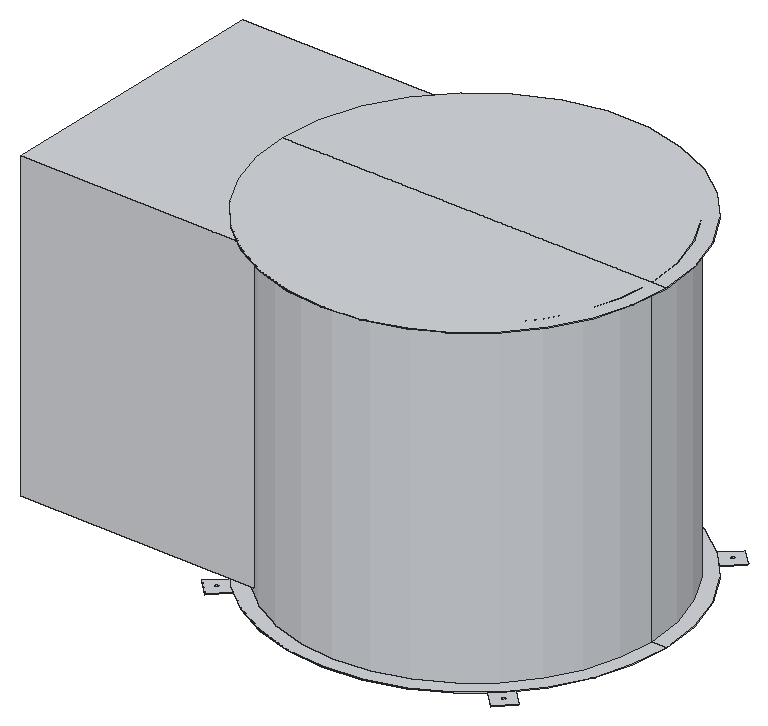
Revit family "AVAB_Upblast_Floor_Mount", category Mechanical Equipment, Revit 2019
Family settings
  Round Connector Dimension = Use Radius
  Part Type = Normal
  Work Plane-Based = No
  Always vertical = Yes
  Cut with Voids When Loaded = No
  Shared = No
  Room Calculation Point = No
Parameters (values of type "79_AVAB_UPBLAST_FLOOR")
  ModelID [instance] = ""
  L/2 = L / 2  # 2' - 8"
  L = 5' - 4"
  K/2 = K / 2  # 0' - 0 11/32"
  K = 0' - 0 11/16"
  J/2 = J / 2  # 3' - 9 1/4"
  J-B = J - B  # 0' - 4 15/16"
  J = 7' - 6 1/2"
  H = 6' - 4 5/8"
  Unit Weight [instance] = ""
  Sones [instance] = ""
  Motor RPM [instance] = ""
  Motor Enclosure [instance] = ""
  LwA [instance] = ""
  G = 16' - 0"
  Fan RPM [instance] = ""
  F/2 = F / 2  # 0' - 0 11/32"
  F = 0' - 0 11/16"
  E/2 = E / 2  # 3' - 0"
  E-2" = E - 0' 2"  # 5' - 10"
  E-.125" = E - 0' 0 1/8"  # 5' - 11 7/8"
  E = 6' - 0"
  C/2 = C / 2  # 3' - 5 7/16"
  C = 6' - 10 7/8"
  B/2 = B / 2  # 3' - 6 25/32"
  B = 7' - 1 9/16"
  Accessories [instance] = ""
  A/3 = A / 2.5  # 2' - 7 1/2"
  A/2 = A / 2  # 3' - 3 3/8"
  A = 6' - 6 3/4"
  60 = 60.00°  # constant formula
  45 = 45.00°
  30 = 30.00°  # constant formula
  3" = 0' - 3"  # constant formula
  Brake Hp [instance] = ""
  4" = 0' - 4"  # constant formula
  2' = 2' - 0"
  2" = 0' - 2"  # constant formula
  1" = 0' - 1"  # constant formula
  0 = 0' - 0"  # constant formula
  Voltage [instance] = 0 V
  URL = "www.lorencook.com"
  Type Comments = "Adjustable Pitch Vane Axial Upblast Floor Mount Belt Drive Arrangement 9"  # constant formula
  Static Pressure [instance] = 0.00 in-wg
  Power [instance] = Voltage * Motor FLA * sqrt(if(Phase = 3, 3, 1))  # 0 VA
  Phase [instance] = 0
  Number of Poles [instance] = 1
  Motor Hp [instance] = "0"
  Motor FLA [instance] = 0 A
  Model = "AVAB"  # constant formula
  Manufacturer = "Loren Cook Company"
  CFM [instance] = 0 CFM
  1.5 = 0' - 1 1/2"  # constant formula
  ONE EIGTH = 0' - 0 1/8"  # constant formula
  -E/2 = -E / 2  # -3' - 0"
  -(E-.25")/2 = -(E - 0' 0 1/4") / 2  # -2' - 11 7/8"
  (L/2)-1" = (L / 2) - 0' 1"  # 2' - 7"
  (J-B)/2 = (J - B) / 2  # 0' - 2 15/32"
  (J+(J-B))/2 = (J + (J - B)) / 2  # 3' - 11 23/32"
  (E-.25")/2 = (E - 0' 0 1/4") / 2  # 2' - 11 7/8"
  (A+.25")/2 = (A + 0' 0 1/4") / 2  # 3' - 3 1/2"
Types (9): name | L/2 | L | K/2 | K | J/2 | J-B | J | H | G | F/2 | F | E/2 | E-2" | E-.125" | E | C/2 | C | B/2 | B | A/3 | A/2 | A | -E/2 | -(E-.25")/2 | (L/2)-1" | (J-B)/2 | (J+(J-B))/2 | (E-.25")/2 | (A+.25")/2
  (no name) | 2' - 8" | 5' - 4" | 0' - 0 11/32" | 0' - 0 11/16" | 3' - 9 1/4" | 0' - 4 15/16" | 7' - 6 1/2" | 6' - 4 5/8" | 16' - 0" | 0' - 0 11/32" | 0' - 0 11/16" | 3' - 0" | 5' - 10" | 5' - 11 7/8" | 6' - 0" | 3' - 5 7/16" | 6' - 10 7/8" | 3' - 6 25/32" | 7' - 1 9/16" | 2' - 7 1/2" | 3' - 3 3/8" | 6' - 6 3/4" | -3' - 0" | -2' - 11 7/8" | 2' - 7" | 0' - 2 15/32" | 3' - 11 23/32" | 2' - 11 7/8" | 3' - 3 1/2"
  35_AVAB_UPBLAST_FLOOR | 1' - 3 1/4" | 2' - 6 1/2" | 0' - 0 9/32" | 0' - 0 9/16" | 1' - 9 9/16" | 0' - 3 1/4" | 3' - 7 1/8" | 3' - 11 7/8" | 12' - 0" | 0' - 0 9/32" | 0' - 0 9/16" | 1' - 9 1/2" | 3' - 5" | 3' - 6 7/8" | 3' - 7" | 1' - 7" | 3' - 2" | 1' - 7 15/16" | 3' - 3 7/8" | 1' - 2.2" | 1' - 5 3/4" | 2' - 11 1/2" | -1' - 9 1/2" | -1' - 9 3/8" | 1' - 2 1/4" | 0' - 1 5/8" | 1' - 11 3/16" | 1' - 9 3/8" | 1' - 5 7/8"
  39_AVAB_UPBLAST_FLOOR | 1' - 4 21/32" | 2' - 9 5/16" | 0' - 0 9/32" | 0' - 0 9/16" | 1' - 11 9/16" | 0' - 3 3/16" | 3' - 11 1/8" | 4' - 1 7/8" | 12' - 0" | 0' - 0 9/32" | 0' - 0 9/16" | 1' - 9 1/2" | 3' - 5" | 3' - 6 7/8" | 3' - 7" | 1' - 8 15/16" | 3' - 5 7/8" | 1' - 9 31/32" | 3' - 7 15/16" | 1' - 3 3/4" | 1' - 7 11/16" | 3' - 3 3/8" | -1' - 9 1/2" | -1' - 9 3/8" | 1' - 3 21/32" | 0' - 1 19/32" | 2' - 1 5/32" | 1' - 9 3/8" | 1' - 7 13/16"
  44_AVAB_UPBLAST_FLOOR | 1' - 7 1/16" | 3' - 2 1/8" | 0' - 0 11/32" | 0' - 0 11/16" | 2' - 2 15/16" | 0' - 4 1/4" | 4' - 5 7/8" | 4' - 5 1/4" | 12' - 0" | 0' - 0 9/32" | 0' - 0 9/16" | 1' - 11 1/2" | 3' - 9" | 3' - 10 7/8" | 3' - 11" | 1' - 11 11/16" | 3' - 11 3/8" | 2' - 0 13/16" | 4' - 1 5/8" | 1' - 5.65" | 1' - 10 1/16" | 3' - 8 1/8" | -1' - 11 1/2" | -1' - 11 3/8" | 1' - 6 1/16" | 0' - 2 1/8" | 2' - 5 1/16" | 1' - 11 3/8" | 1' - 10 3/16"
  49_AVAB_UPBLAST_FLOOR | 1' - 8 7/8" | 3' - 5 3/4" | 0' - 0 11/32" | 0' - 0 11/16" | 2' - 5 1/2" | 0' - 4 1/4" | 4' - 11" | 4' - 7 3/4" | 12' - 0" | 0' - 0 9/32" | 0' - 0 9/16" | 1' - 11 1/2" | 3' - 9" | 3' - 10 7/8" | 3' - 11" | 2' - 2 1/4" | 4' - 4 1/2" | 2' - 3 3/8" | 4' - 6 3/4" | 1' - 7.7" | 2' - 0 5/8" | 4' - 1 1/4" | -1' - 11 1/2" | -1' - 11 3/8" | 1' - 7 7/8" | 0' - 2 1/8" | 2' - 7 5/8" | 1' - 11 3/8" | 2' - 0 3/4"
  57_AVAB_UPBLAST_FLOOR | 1' - 11 21/32" | 3' - 11 5/16" | 0' - 0 11/32" | 0' - 0 11/16" | 2' - 9 7/16" | 0' - 4 1/4" | 5' - 6 7/8" | 5' - 5 3/4" | 12' - 0" | 0' - 0 9/32" | 0' - 0 9/16" | 2' - 6 1/2" | 4' - 11" | 5' - 0 7/8" | 5' - 1" | 2' - 5 15/16" | 4' - 11 7/8" | 2' - 7 5/16" | 5' - 2 5/8" | 1' - 10.85" | 2' - 4 9/16" | 4' - 9 1/8" | -2' - 6 1/2" | -2' - 6 3/8" | 1' - 10 21/32" | 0' - 2 1/8" | 2' - 11 9/16" | 2' - 6 3/8" | 2' - 4 11/16"
  63_AVAB_UPBLAST_FLOOR | 2' - 1 23/32" | 4' - 3 7/16" | 0' - 0 11/32" | 0' - 0 11/16" | 3' - 0 3/8" | 0' - 4 1/4" | 6' - 0 3/4" | 5' - 8 5/8" | 16' - 0" | 0' - 0 11/32" | 0' - 0 11/16" | 2' - 6 1/2" | 4' - 11" | 5' - 0 7/8" | 5' - 1" | 2' - 9 1/8" | 5' - 6 1/4" | 2' - 10 1/4" | 5' - 8 1/2" | 2' - 1.2" | 2' - 7 1/2" | 5' - 3" | -2' - 6 1/2" | -2' - 6 3/8" | 2' - 0 23/32" | 0' - 2 1/8" | 3' - 2 1/2" | 2' - 6 3/8" | 2' - 7 5/8"
  71_AVAB_UPBLAST_FLOOR | 2' - 5 7/32" | 4' - 10 7/16" | 0' - 0 11/32" | 0' - 0 11/16" | 3' - 5 5/16" | 0' - 5" | 6' - 10 5/8" | 6' - 0 3/4" | 16' - 0" | 0' - 0 11/32" | 0' - 0 11/16" | 3' - 0" | 5' - 10" | 5' - 11 7/8" | 6' - 0" | 3' - 1 1/2" | 6' - 3" | 3' - 2 13/16" | 6' - 5 5/8" | 2' - 4.35" | 2' - 11 7/16" | 5' - 10 7/8" | -3' - 0" | -2' - 11 7/8" | 2' - 4 7/32" | 0' - 2 1/2" | 3' - 7 13/16" | 2' - 11 7/8" | 2' - 11 9/16"
  79_AVAB_UPBLAST_FLOOR | 2' - 8" | 5' - 4" | 0' - 0 11/32" | 0' - 0 11/16" | 3' - 9 1/4" | 0' - 4 15/16" | 7' - 6 1/2" | 6' - 4 5/8" | 16' - 0" | 0' - 0 11/32" | 0' - 0 11/16" | 3' - 0" | 5' - 10" | 5' - 11 7/8" | 6' - 0" | 3' - 5 7/16" | 6' - 10 7/8" | 3' - 6 25/32" | 7' - 1 9/16" | 2' - 7 1/2" | 3' - 3 3/8" | 6' - 6 3/4" | -3' - 0" | -2' - 11 7/8" | 2' - 7" | 0' - 2 15/32" | 3' - 11 23/32" | 2' - 11 7/8" | 3' - 3 1/2"
Reference planes (in)
  plane 1 "Center (Front/Back)": y = 0
  plane 2: z = 0
  plane 3 "Center (Left/Right)": x = 0.40541
Forms (in)
  Revolve 1, solid
    sketch origin (0, 0, 0) x (1, 0, 0) y (0, 0, 1)
      loop
        line (0.40541, 0) -> (43.18666, 0) -> (43.18666, 0.125) -> (39.90541, 0.125) -> (39.90541, 71.875) -> (43.18666, 71.875) -> (43.18666, 72) -> (0.40541, 72) -> (0.40541, 0)
      axis (0.40541, 72) -> (0.40541, 0)
    angle from 0 to 360
  Extrusion 2, solid
    sketch origin (0, 0, 0) x (1, 0, 0) y (0, 1, 0)
      loop
        line (-24.07417, 31) -> (-76.21959, 31) -> (-76.21959, -31) -> (-24.07417, -31)
        arc (-24.07417, -31) -> (-39.09459, 0) -> (-24.07417, 31) r 39.5
    from 70 <- "E-2"" to 2
  Extrusion 3, solid
    sketch origin (0, 0, 0) x (1, 0, 0) y (0, 1, 0)
      loop
        line (-28.04942, 31.94617) -> (-31.54598, 35.44273)
        arc (-31.54598, 35.44273) -> (-33.33684, 33.74225) -> (-35.03732, 31.9514) r 47.71875
        line (-35.03732, 31.9514) -> (-31.54076, 28.45483)
        arc (-31.54076, 28.45483) -> (-29.8455, 30.25091) -> (-28.04942, 31.94617) r 42.78125
      loop
        arc (28.86024, 31.94617) -> (30.65632, 30.25091) -> (32.35158, 28.45483) r 42.78125
        line (32.35158, 28.45483) -> (35.84815, 31.9514)
        arc (35.84815, 31.9514) -> (34.14766, 33.74225) -> (32.35681, 35.44273) r 47.71875
        line (32.35681, 35.44273) -> (28.86024, 31.94617)
      loop
        line (28.86024, -31.94617) -> (32.35681, -35.44273)
        arc (32.35681, -35.44273) -> (34.14766, -33.74225) -> (35.84815, -31.9514) r 47.71875
        line (35.84815, -31.9514) -> (32.35158, -28.45483)
        arc (32.35158, -28.45483) -> (30.65632, -30.25091) -> (28.86024, -31.94617) r 42.78125
      loop
        arc (-28.04942, -31.94617) -> (-29.8455, -30.25091) -> (-31.54076, -28.45483) r 42.78125
        line (-31.54076, -28.45483) -> (-35.03732, -31.9514)
        arc (-35.03732, -31.9514) -> (-33.33684, -33.74225) -> (-31.54598, -35.44273) r 47.71875
        line (-31.54598, -35.44273) -> (-28.04942, -31.94617)
    from 0 to 0.125
  Extrusion 4, void
    sketch origin (0, 0, 0) x (1, 0, 0) y (0, 1, 0)
      loop
        circle (32.40541, 32) r 0.34375
      loop
        circle (-31.59459, 32) r 0.34375
      loop
        circle (-31.59459, -32) r 0.34375
      loop
        circle (32.40541, -32) r 0.34375
    from 0 to 72 <- "E"
Cuts and joins
  Extrusion 4 cuts Revolve 1
  Extrusion 4 cuts Extrusion 2
  Extrusion 4 cuts Extrusion 3
Dimensions and locks (in)
  "0": Revolve 1 sketch curve to plane 3 "Center (Left/Right)"  (x2)
  "0": Revolve 1 sketch curve to level
  "B/2": Revolve 1 sketch curve to plane 3 "Center (Left/Right)"  (x2)
  "(A+.25")/2": Revolve 1 sketch curve to plane 3 "Center (Left/Right)"
  "ONE EIGTH": Revolve 1 sketch curve to Revolve 1 sketch curve  (x2)
  "E": Revolve 1 sketch curve to level
  "0": Extrusion 2 sketch curve to plane 3 "Center (Left/Right)"
  "0": Extrusion 2 sketch curve to plane 1 "Center (Front/Back)"
  "H": Extrusion 2 sketch curve to plane 3 "Center (Left/Right)"
  "(L/2)-1"": Extrusion 2 sketch curve to plane 1 "Center (Front/Back)"
  "(L/2)-1"": plane 1 "Center (Front/Back)" to Extrusion 2 sketch curve
  "0": Extrusion 3 sketch curve to plane 3 "Center (Left/Right)"  (x8)
  "0": Extrusion 3 sketch curve to plane 1 "Center (Front/Back)"  (x8)
  "J-B": Extrusion 3 sketch curve to Extrusion 3 sketch curve  (x4)
  "(J-B)/2": plane 3 "Center (Left/Right)" to Extrusion 3 sketch curve  (x3)
  "(J-B)/2": Extrusion 3 sketch curve to plane 3 "Center (Left/Right)"
  "L/2": plane 3 "Center (Left/Right)" to Extrusion 4 sketch curve  (x4)
  "L/2": plane 1 "Center (Front/Back)" to Extrusion 4 sketch curve  (x4)
  "(A+.25")/2": radius of Extrusion 2 sketch curve
  "(J+(J-B))/2": radius of Extrusion 3 sketch curve  (x4)
  "B/2": radius of Extrusion 3 sketch curve  (x4)
  "K/2": radius of Extrusion 4 sketch curve  (x4)
  "45": angle plane 3 "Center (Left/Right)" to Extrusion 3 sketch curve
  "45": angle Extrusion 3 sketch curve to plane 3 "Center (Left/Right)"  (x2)
  "45": angle Extrusion 3 sketch curve to plane 1 "Center (Front/Back)"
Automatic sketch dimensions
  Revolve 1 sketch curve to level = 0' - 0"
  Revolve 1 sketch curve to level = 1' - 0"
  Extrusion 2 sketch curve to Extrusion 2 sketch curve = 0' - 0"
Connectors (in)
  hvac at (0.40541, 0, 72), driven by "A/2"
    settings: on cut or joined group of Revolve 1, Extrusion 4, index 1, duct flow 0 CFM, flow factor 0, pres drop 0.00 in-wg, loss coef 0, conn angle 0.00°, conn width 12", conn height 12", conn diameter 78 3/4", duct sys type 29, conn prof type 0, flow config 0, flow direction 2, loss method 0, conn ref index -1, conn util no, is conn primary yes, conn desc ""
  hvac at (0.40541, 0, 0.125), driven by "A/2"
    settings: on cut or joined group of Revolve 1, Extrusion 4, index 2, duct flow 0 CFM, flow factor 0, pres drop 0.00 in-wg, loss coef 0, conn angle 0.00°, conn width 12", conn height 12", conn diameter 78 3/4", duct sys type 29, conn prof type 0, flow config 0, flow direction 1, loss method 0, conn ref index -1, conn util no, is conn primary no, conn desc ""
  electrical at (-50.14688, -31, 36)
    settings: on cut or joined group of Extrusion 2, Extrusion 4, index 3, voltage 0 V, apparent load 0 VA, apparent load phase1 0 VA, apparent load phase2 0 VA, apparent load phase3 0 VA, power factor 1, load classification "Other", number of poles 1, system type 30, power factor state 1, is connector primary yes, connector utility no, sub classification motor no, connector description ""
